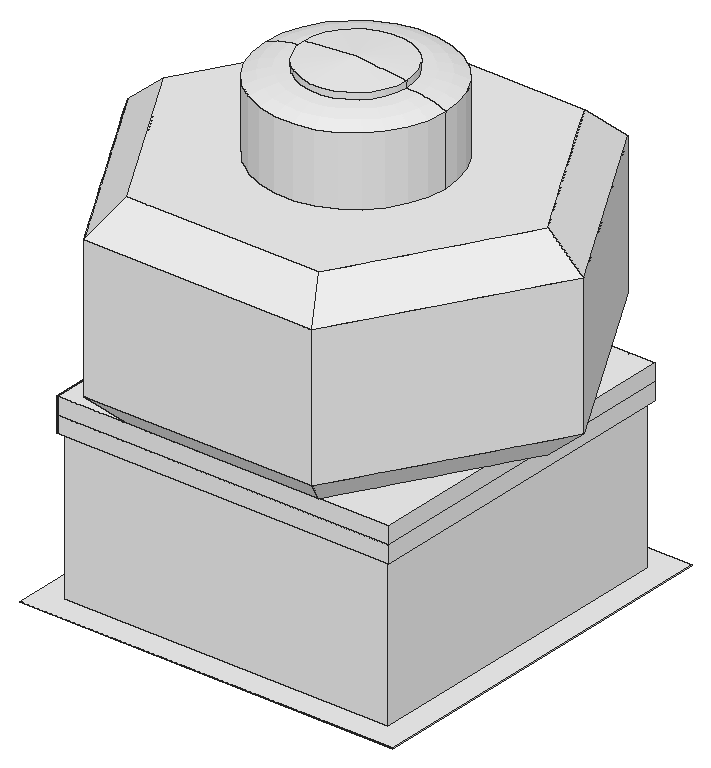
Revit family "HARMANN - REVIT- MOVO F400", category Wyposażenie mechaniczne, Revit 2025
Family settings
  Wymiar okrągłego złącza = Użyj średnicy
  Typ części = Normalny
  Numer OmniClass = 23.75.00.00
  Tytuł OmniClass = Climate Control (HVAC)
  Oparty na płaszczyźnie roboczej = Nie
  Zawsze pionowo = Tak
  Tnij formami wycięć po wczytaniu = Nie
  Zachowaj orientację opisów = Nie
  Współdzielony = Nie
  Punkt obliczania pomieszczeń = Nie
Parameters (values of type "MOVO 4-560/13300T F400")
  a Spr [instance] = if(Brak podstawy, 0.00 mm, a)  # 40.00 mm
  a [instance] = 40.00 mm
  Zasilanie natężenie maksymalne Imax = 6.1 A
  Zasilanie napięcie nominalne Unom = 400 V
  Wysokość podstawy dachowej PR Spr [instance] = if(Brak podstawy, a, if(Podstawa dachowa PR, Wysokość podstawy dachowej PR, Wysokość podstawy dachowej PR))  # 400.00 mm
  Wysokość podstawy dachowej PR [instance] = size_lookup(Lookup Table Name, "Wysokość podstawy dachowej PR", 1.00 mm, N1)  # 400.00 mm
  Wysokość SL Spr [instance] = if((Czy Klapa zwrotna SL), Wysokość SL, 0.00 mm)  # 280.00 mm
  Wysokość SL [instance] = size_lookup(Lookup Table Name, "Wysokość SL", 1.00 mm, N1)  # 280.00 mm
  Wysokość EP Spr [instance] = if((Czy Złącze Elastyczne EP), Wysokość EP, 0.00 mm)  # 150.00 mm
  Wysokość EP [instance] = size_lookup(Lookup Table Name, "Wysokość EP", 1.00 mm, N1)  # 150.00 mm
  Wysokość D Spr [instance] = if(Brak podstawy, Wysokość D, if(and((Czy Klapa zwrotna SL), (Czy Złącze Elastyczne EP)), Wysokość D + Wysokość SL Spr + Wysokość EP Spr, if((Czy Klapa zwrotna SL), Wysokość D + Wysokość SL Spr, if(Czy Złącze Elastyczne EP, Wysokość D + Wysokość EP Spr, Wysokość D))))  # 447.00 mm
  Wysokość D [instance] = size_lookup(Lookup Table Name, "Wysokość D", 1.00 mm, N1)  # 17.00 mm
  Wybierz podstawę dachową [instance] = "Wybierz podstawę dachową lub brak podstawy"  # constant formula
  Wybierz Akcesoria [instance] = "Zaznacz wybrane akcesoria tylko dla podstawy dachowej PR"  # constant formula
  Rzeczywista Wartość Przepływu [instance] = Podaj Rzeczywistą Wartość Przepływu  # 0.00 m³/h
  Podstawa B = Podstawa : Podstawa PR
  Podstawa A = Podstawa : Brak podstawy
  Podaj Rzeczywistą Wartość Przepływu [instance] = 0.00 m³/h
  Opc Podstawa Dachowa PR = Podstawa : Podstawa PR
  Opc Brak podstawy = Podstawa : Brak podstawy
  Klasa odporności ogniowej Tmax = "400 oC/2h"
  Czy Podstawa Dachowa [instance] = Podstawa : Podstawa PR
  N1 = 6 mm
  Lookup Table Name = "MOVO"
  Czy Klapa zwrotna SL [instance] = yes
  Złożenie domyślne bez akcesoriów [instance] = not(Brak podstawy)  # yes
  Podstawa dachowa PR [instance] = Czy Podstawa Dachowa = Opc Podstawa Dachowa PR  # yes
  MOVO = HARMANN - Akcesoria - MOVO F400 : MOVO 4-560/13300T F400
  Zasilanie Moc maksymalna Pmax = 3000 W
  Zasilanie Ilość faz = 3
  Zasilanie Częstotliwość Nominalna fnom = 50 Hz  # constant formula
  Zasilanie Częstotliwość Minimalna fmin = 25 Hz  # constant formula
  Zasilanie Częstotliwość Maksymalna fmax = 50 Hz
  Powietrze ciśnienie statyczne maksymalne dPmax = 910.0 Pa
  Powietrze Przepływ Maksymalny Qmax = 13300.00 m³/h
  Obroty nominalne nnom = 1425.000 obr./min
  Numer artykułu = "02200071"
  Model = "MOVO 4-560/13300T F400"
  Masa = 122.00 kg
  Producent = "Harmann Polska Sp. z o.o."  # constant formula
  Temperatura pracy ciągłej maksymalna T = 50 °C  # constant formula
  Opis = "Dachowy wentylator z wyrzutem poziomym F400"  # constant formula
  Domyślna rzędna = 0.00 mm
  DN = 500.00 mm
  Czy Kołnierz D [instance] = 1 = 1  # yes
  Ciśnienie akustyczne nominalne obudowa Lpa = "71 dB(A)"
  Czy Złącze Elastyczne EP [instance] = yes
  Brak podstawy [instance] = Czy Podstawa Dachowa = Opc Brak podstawy  # no
  Autor = "https://www.archispace.com/"
  Akc SL = HARMANN - Akcesoria - SL : SL 500
  Akc PR = HARMANN - Akcesoria - PR : PR 560/500
  Akc EP = HARMANN - Akcesoria - EP : EP 500
  Akc D = HARMANN - Akcesoria - D : D 500s
Types (22, lengths in mm): name | a Spr | a | Zasilanie natężenie maksymalne Imax | Wysokość podstawy dachowej PR Spr | Wysokość podstawy dachowej PR | Wysokość SL Spr | Wysokość SL | Wysokość EP Spr | Wysokość EP | Wysokość D Spr | Wysokość D | N1 | MOVO | Zasilanie Moc maksymalna Pmax | Powietrze ciśnienie statyczne maksymalne dPmax | Powietrze Przepływ Maksymalny Qmax | Obroty nominalne nnom | Numer artykułu | Model | Masa | DN | Ciśnienie akustyczne nominalne obudowa Lpa | Akc SL | Akc PR | Akc EP | Akc D
  MOVO 8-1000-32000T F400 | 40.00 | 40.00 | 16.3 A | 500.00 | 500.00 | 400.00 | 400.00 | 150.00 | 150.00 | 574.50 | 24.50 | 12 | HARMANN - Akcesoria - MOVO F400 : MOVO 8-1000-32000T F400 | 7500 W | 650.0 Pa | 32000.00 m³/h | 725.000 obr./min | "02200221" | "MOVO 8-1000-32000T F400" | 530.00 kg | 900.00 | "72 dB(A)" | HARMANN - Akcesoria - SL : SL 900 | HARMANN - Akcesoria - PR : PR 1000/900 | HARMANN - Akcesoria - EP : EP 900 | HARMANN - Akcesoria - D : D 900s
  MOVO 6-1000-52000T F400 | 40.00 | 40.00 | 35.3 A | 500.00 | 500.00 | 400.00 | 400.00 | 150.00 | 150.00 | 574.50 | 24.50 | 12 | HARMANN - Akcesoria - MOVO F400 : MOVO 6-1000-52000T F400 | 18500 W | 1330.0 Pa | 52000.00 m³/h | 980.000 obr./min | "02200211" | "MOVO 6-1000/52000T F400" | 625.00 kg | 900.00 | "80 dB(A)" | HARMANN - Akcesoria - SL : SL 900 | HARMANN - Akcesoria - PR : PR 1000/900 | HARMANN - Akcesoria - EP : EP 900 | HARMANN - Akcesoria - D : D 900s
  MOVO 8-900-27500T F400 | 40.00 | 40.00 | 12.4 A | 500.00 | 500.00 | 400.00 | 400.00 | 150.00 | 150.00 | 574.50 | 24.50 | 12 | HARMANN - Akcesoria - MOVO F400 : MOVO 6-900-27500T F400 | 5500 W | 590.0 Pa | 2750.00 m³/h | 720.000 obr./min | "02200181" | "MOVO 8-900/27500T F400" | 390.00 kg | 800.00 | "71 dB(A)" | HARMANN - Akcesoria - SL : SL 800 | HARMANN - Akcesoria - PR : PR 900/800 | HARMANN - Akcesoria - EP : EP 800 | HARMANN - Akcesoria - D : D 800s
  MOVO 6-800/26000T F400 | 40.00 | 40.00 | 12 A | 500.00 | 500.00 | 400.00 | 400.00 | 150.00 | 150.00 | 574.50 | 24.50 | 11 | HARMANN - Akcesoria - MOVO F400 : MOVO 6-800/26000T F400 | 5500 W | 750.0 Pa | 26000.00 m³/h | 970.000 obr./min | "02200161" | "MOVO 6-800/26000T F400" | 315.00 kg | 710.00 | "73 dB(A)" | HARMANN - Akcesoria - SL : SL 710 | HARMANN - Akcesoria - PR : PR 710/630 | HARMANN - Akcesoria - EP : EP 710 | HARMANN - Akcesoria - D : D 710s
  MOVO 4-800/39500T F400 | 40.00 | 40.00 | 34.5 A | 500.00 | 500.00 | 400.00 | 400.00 | 150.00 | 150.00 | 574.50 | 24.50 | 11 | HARMANN - Akcesoria - MOVO F400 : MOVO 4-800/39500T F400 | 18500 W | 1850.0 Pa | 39500.00 m³/h | 1470.000 obr./min | "02200162" | "MOVO 4-800/39500T" | 425.00 kg | 710.00 | "82 dB(A)" | HARMANN - Akcesoria - SL : SL 710 | HARMANN - Akcesoria - PR : PR 710/630 | HARMANN - Akcesoria - EP : EP 710 | HARMANN - Akcesoria - D : D 710s
  MOVO 6-710/18300T F400 | 40.00 | 40.00 | 8.9 A | 500.00 | 500.00 | 350.00 | 350.00 | 150.00 | 150.00 | 521.50 | 21.50 | 9 | HARMANN - Akcesoria - MOVO F400 : MOVO 6-710/18300T F400 | 4000 W | 700.0 Pa | 18300.00 m³/h | 1450.000 obr./min | "02200131" | "MOVO 6-710/18300T F400" | 285.00 kg | 630.00 | "70 dB(A)" | HARMANN - Akcesoria - SL : SL 630 | HARMANN - Akcesoria - PR : PR 710/630 | HARMANN - Akcesoria - EP : EP 630 | HARMANN - Akcesoria - D : D 630s
  MOVO 4-710/27500T F400 | 40.00 | 40.00 | 20.9 A | 500.00 | 500.00 | 350.00 | 350.00 | 150.00 | 150.00 | 521.50 | 21.50 | 9 | HARMANN - Akcesoria - MOVO F400 : MOVO 4-710/27500T F400 | 11000 W | 1500.0 Pa | 27500.00 m³/h | 1450.000 obr./min | "02200122" | "MOVO 4-710/27500T F400" | 285.00 kg | 630.00 | "79 dB(A)" | HARMANN - Akcesoria - SL : SL 630 | HARMANN - Akcesoria - PR : PR 710/630 | HARMANN - Akcesoria - EP : EP 630 | HARMANN - Akcesoria - D : D 630s
  MOVO 6-710/15500T F400 | 40.00 | 40.00 | 6.9 A | 500.00 | 500.00 | 350.00 | 350.00 | 150.00 | 150.00 | 521.50 | 21.50 | 9 | HARMANN - Akcesoria - MOVO F400 : MOVO 6-710/15500T F400 | 3000 W | 590.0 Pa | 15500.00 m³/h | 970.000 obr./min | "02200121" | "MOVO 6-710/15500T F400" | 255.00 kg | 630.00 | "68" | HARMANN - Akcesoria - SL : SL 630 | HARMANN - Akcesoria - PR : PR 710/630 | HARMANN - Akcesoria - EP : EP 630 | HARMANN - Akcesoria - D : D 630s
  MOVO 6-630/12400T F400 | 40.00 | 40.00 | 5.1 A | 400.00 | 400.00 | 310.00 | 310.00 | 150.00 | 150.00 | 479.00 | 19.00 | 7 | HARMANN - Akcesoria - MOVO F400 : MOVO 6-630/12400T F400 | 2200 W | 500.0 Pa | 12400.00 m³/h | 940.000 obr./min | "0220101" | "MOVO 6-630/12400T F400" | 163.00 kg | 560.00 | "66 dB(A)" | HARMANN - Akcesoria - SL : SL 560 | HARMANN - Akcesoria - PR : PR 630/560 | HARMANN - Akcesoria - EP : EP 560 | HARMANN - Akcesoria - D : D 560s
  MOVO 6-560/8700T F400 | 40.00 | 40.00 | 3.6 A | 400.00 | 400.00 | 280.00 | 280.00 | 150.00 | 150.00 | 447.00 | 17.00 | 6 | HARMANN - Akcesoria - MOVO F400 : MOVO 6-560/8700T F400 | 1500 W | 390.0 Pa | 8700.00 m³/h | 930.000 obr./min | "02200081" | "MOVO.S 6-560/8700T F400" | 116.00 kg | 500.00 | "71 dB(A)" | HARMANN - Akcesoria - SL : SL 500 | HARMANN - Akcesoria - PR : PR 560/500 | HARMANN - Akcesoria - EP : EP 500 | HARMANN - Akcesoria - D : D 500s
  MOVO 6-500/6100T F400 | 40.00 | 40.00 | 1.7 A | 400.00 | 400.00 | 250.00 | 250.00 | 120.00 | 120.00 | 385.00 | 15.00 | 3 | HARMANN - Akcesoria - MOVO F400 : MOVO 6-500/6100T F400 | 550 W | 355.0 Pa | 6100.00 m³/h | 895.000 obr./min | "02200061" | "MOVO 6-500/6100T F400" | 83.00 kg | 450.00 | "58 dB(A)" | HARMANN - Akcesoria - SL : SL 450 | HARMANN - Akcesoria - PR : PR 500/450 | HARMANN - Akcesoria - EP : EP 450 | HARMANN - Akcesoria - D : D 450s
  MOVO 6-450/4500T F400 | 30.00 | 30.00 | 1.7 A | 400.00 | 400.00 | 220.00 | 220.00 | 120.00 | 120.00 | 353.50 | 13.50 | 1 | HARMANN - Akcesoria - MOVO F400 : MOVO 6-450/4500T F400 | 550 W | 250.0 Pa | 4500.00 m³/h | 895.000 obr./min | "02200041" | "MOVO  4-450/4500T F400" | 60.00 kg | 400.00 | "56 dB(A)" | HARMANN - Akcesoria - SL : SL 400 | HARMANN - Akcesoria - PR : PR 450/400 | HARMANN - Akcesoria - EP : EP 400 | HARMANN - Akcesoria - D : D 400s
  MOVO 6-900-37000T F400 | 40.00 | 40.00 | 22.9 A | 500.00 | 500.00 | 400.00 | 400.00 | 150.00 | 150.00 | 574.50 | 24.50 | 12 | HARMANN - Akcesoria - MOVO F400 : MOVO 6-900-37000T F400 | 11000 W | 1150.0 Pa | 37000.00 m³/h | 970.000 obr./min | "02200171" | "MOVO 6-900/37000T F400" | 415.00 kg | 800.00 | "77 dB(A)" | HARMANN - Akcesoria - SL : SL 800 | HARMANN - Akcesoria - PR : PR 900/800 | HARMANN - Akcesoria - EP : EP 800 | HARMANN - Akcesoria - D : D 800s
  MOVO 6-1000/43100T F400 | 40.00 | 40.00 | 29.8 A | 500.00 | 500.00 | 400.00 | 400.00 | 150.00 | 150.00 | 574.50 | 24.50 | 12 | HARMANN - Akcesoria - MOVO F400 : MOVO 6-1000-52000T F400 | 15000 W | 1200.0 Pa | 43100.00 m³/h | 975.000 obr./min | "02200201" | "MOVO 6-1000/43100T" | 580.00 kg | 900.00 | "78 dB(A)" | HARMANN - Akcesoria - SL : SL 900 | HARMANN - Akcesoria - PR : PR 1000/900 | HARMANN - Akcesoria - EP : EP 900 | HARMANN - Akcesoria - D : D 900s
  MOVO 4-800/36400T F400 | 40.00 | 40.00 | 28.1 A | 500.00 | 500.00 | 400.00 | 400.00 | 150.00 | 150.00 | 574.50 | 24.50 | 11 | HARMANN - Akcesoria - MOVO F400 : MOVO 4-800/36400T F400 | 15000 W | 1800.0 Pa | 36400.00 m³/h | 1460.000 obr./min | "78252003" | "MOVO 4-800/33400T F400" | 390.00 kg | 710.00 | "81 dB(A)" | HARMANN - Akcesoria - SL : SL 710 | HARMANN - Akcesoria - PR : PR 710/630 | HARMANN - Akcesoria - EP : EP 710 | HARMANN - Akcesoria - D : D 710s
  MOVO 4-710/23200T F400 | 40.00 | 40.00 | 14.3 A | 500.00 | 500.00 | 350.00 | 350.00 | 150.00 | 150.00 | 521.50 | 21.50 | 9 | HARMANN - Akcesoria - MOVO F400 : MOVO 4-710/23200T F400 | 7500 W | 1305.0 Pa | 23200.00 m³/h | 1450.000 obr./min | "02200111" | "MOVO 4-710/23200T F400" | 254.00 kg | 630.00 | "78 dB(A)" | HARMANN - Akcesoria - SL : SL 630 | HARMANN - Akcesoria - PR : PR 710/630 | HARMANN - Akcesoria - EP : EP 630 | HARMANN - Akcesoria - D : D 630s
  MOVO 4-630/19300T F400 | 40.00 | 40.00 | 10.8 A | 400.00 | 400.00 | 310.00 | 310.00 | 150.00 | 150.00 | 479.00 | 19.00 | 7 | HARMANN - Akcesoria - MOVO F400 : MOVO 4-630/19300T F400 | 5500 W | 1200.0 Pa | 19300.00 m³/h | 1455.000 obr./min | "02200091" | "MOVO 4-630/19300T F400" | 185.00 kg | 560.00 | "75 dB(A)" | HARMANN - Akcesoria - SL : SL 560 | HARMANN - Akcesoria - PR : PR 630/560 | HARMANN - Akcesoria - EP : EP 560 | HARMANN - Akcesoria - D : D 560s
  MOVO 4-560/13300T F400 | 40.00 | 40.00 | 6.1 A | 400.00 | 400.00 | 280.00 | 280.00 | 150.00 | 150.00 | 447.00 | 17.00 | 6 | HARMANN - Akcesoria - MOVO F400 : MOVO 4-560/13300T F400 | 3000 W | 910.0 Pa | 13300.00 m³/h | 1425.000 obr./min | "02200071" | "MOVO 4-560/13300T F400" | 122.00 kg | 500.00 | "71 dB(A)" | HARMANN - Akcesoria - SL : SL 500 | HARMANN - Akcesoria - PR : PR 560/500 | HARMANN - Akcesoria - EP : EP 500 | HARMANN - Akcesoria - D : D 500s
  MOVO 4-500/9100T F400 | 40.00 | 40.00 | 3.3 A | 400.00 | 400.00 | 250.00 | 250.00 | 120.00 | 120.00 | 385.00 | 15.00 | 3 | HARMANN - Akcesoria - MOVO F400 : MOVO 4-500/9100T F400 | 1500 W | 655.0 Pa | 9100.00 m³/h | 1410.000 obr./min | "02200051" | "MOVO 4-500/9100T F400" | 92.00 kg | 450.00 | "68 dB(A)" | HARMANN - Akcesoria - SL : SL 450 | HARMANN - Akcesoria - PR : PR 500/450 | HARMANN - Akcesoria - EP : EP 450 | HARMANN - Akcesoria - D : D 450s
  MOVO 4-450/6700T F400 | 30.00 | 30.00 | 2.5 A | 400.00 | 400.00 | 220.00 | 220.00 | 120.00 | 120.00 | 353.50 | 13.50 | 1 | HARMANN - Akcesoria - MOVO F400 : MOVO 4-450/6700T F400 | 1100 W | 555.0 Pa | 6700.00 m³/h | 1385.000 obr./min | "02200031" | "MOVO 4-450/6700T F400" | 66.00 kg | 400.00 | "65 dB(A)" | HARMANN - Akcesoria - SL : SL 400 | HARMANN - Akcesoria - PR : PR 450/400 | HARMANN - Akcesoria - EP : EP 400 | HARMANN - Akcesoria - D : D 400s
  MOVO 6-400/3100T F400 | 30.00 | 30.00 | 1.2 A | 400.00 | 400.00 | 220.00 | 220.00 | 120.00 | 120.00 | 353.50 | 13.50 | 1 | HARMANN - Akcesoria - MOVO F400 : MOVO 6-400/3100T F400 | 370 W | 180.0 Pa | 3100.00 m³/h | 910.000 obr./min | "02200021" | "MOVO 6-400/3100T F400" | 48.00 kg | 315.00 | "51 dB(A)" | HARMANN - Akcesoria - SL : SL 315 | HARMANN - Akcesoria - PR : PR 400/315 | HARMANN - Akcesoria - EP : EP 315 | HARMANN - Akcesoria - D : D 315s
  MOVO 4-400/4700T F400 | 30.00 | 30.00 | 1.5 A | 400.00 | 400.00 | 220.00 | 220.00 | 120.00 | 120.00 | 353.50 | 13.50 | 1 | HARMANN - Akcesoria - MOVO F400 : MOVO 4-400/4700T F400 | 550 W | 450.0 Pa | 4700.00 m³/h | 1405.000 obr./min | "02200011" | "MOVO 4-400/4700T F400" | 48.00 kg | 315.00 | "80 dB(A)" | HARMANN - Akcesoria - SL : SL 315 | HARMANN - Akcesoria - PR : PR 400/315 | HARMANN - Akcesoria - EP : EP 315 | HARMANN - Akcesoria - D : D 315s
Reference planes
  plane 1 "Center (Front/Back)": y = 0
  plane 2: z = 0
  plane 3 "Center (Left/Right)": x = 0
  plane 4: z = 400
  plane 5: z = 0
  plane 6: z = 0
  plane 7: z = 120
  plane 8: z = -30
  plane 9: z = -47
Dimensions and locks
  "Wysokość podstawy dachowej PR Spr": plane 4 to level
  "Wysokość SL Spr": plane 7 to plane 4
  "Wysokość EP Spr": plane 8 to plane 7
  "Wysokość D Spr": plane 9 to plane 4
  aligned and locked: level to plane 2
  aligned and locked: nested 1 to plane 1 "Center (Front/Back)"
  aligned and locked: plane 3 "Center (Left/Right)" to nested 2
  aligned and locked: plane 1 "Center (Front/Back)" to nested 2
  aligned and locked: plane 3 "Center (Left/Right)" to nested 3
  aligned and locked: plane 1 "Center (Front/Back)" to nested 3
  aligned and locked: plane 7 to nested 2
  aligned and locked: plane 8 to nested 3
  aligned and locked: nested 4 to plane 1 "Center (Front/Back)"
  aligned and locked: nested 4 to plane 3 "Center (Left/Right)"
  aligned and locked: nested 4 to plane 9
  aligned and locked: plane 3 "Center (Left/Right)" to nested 5
  aligned and locked: plane 1 "Center (Front/Back)" to nested 5
  aligned and locked: nested 1 to plane 4
Nested families
  nested 1: "HARMANN - Akcesoria - MOVO F400" at (0, 0, 360) x (0, 1, 0) z (0, 0, 1), type <- "MOVO", type "MOVO 4-560/13300T F400"
  nested 2: "HARMANN - Akcesoria - SL" at (0, 0, 120), visible <- "Czy Klapa zwrotna SL", type <- "Akc SL", Vis Komponent <- "Złożenie domyślne bez akcesoriów", type "SL 500"
    with Vis Komponent yes
  nested 3: "HARMANN - Akcesoria - EP" at (0, 0, -30), visible <- "Czy Złącze Elastyczne EP", type <- "Akc EP", Vis Komponent <- "Złożenie domyślne bez akcesoriów", type "EP 500"
    with Vis Komponent yes
  nested 4: "HARMANN - Akcesoria - D" at (0, 0, -30) x (1, 0, 0) z (0, 0, -1), visible <- "Czy Kołnierz D", type <- "Akc D", type "D 500s"
    with Vis Komponent yes
  nested 5: "HARMANN - Akcesoria - PR" at (0, 0, 0), visible <- "Podstawa dachowa PR", type <- "Akc PR", type "PR 560/500"
    with C 900.00 mm, B 670.00 mm, A 780.00 mm
Connectors
  electrical at (0, 0, 440), driven by "Zasilanie Ilość faz", driven by "Zasilanie napięcie nominalne Unom", driven by "Zasilanie Moc maksymalna Pmax"
    settings: on nested 1, index 2, voltage 400 V, apparent load 3000 VA, apparent load phase1 0 VA, apparent load phase2 0 VA, apparent load phase3 0 VA, power factor 1, load classification "Other", number of poles 3, system type 30, power factor state 1, is connector primary yes, connector utility no, sub classification motor no, connector description ""
  hvac at (0, 0, -30), driven by "DN", driven by "Rzeczywista Wartość Przepływu"
    settings: on nested 4, index 3, duct flow 0.00 m³/h, flow factor 0, pres drop 0.0 Pa, loss coef 0, conn angle 0.00°, conn width 304.8 mm, conn height 304.8 mm, conn diameter 500 mm, duct sys type 29, conn prof type 0, flow config 0, flow direction 1, loss method 0, conn ref index -1, conn util no, is conn primary yes, conn desc ""
Definition of nested family "HARMANN - Akcesoria - MOVO F400"
  Parameters (values of type "MOVO 6-400/3100T F400")
    r2 = size_lookup(Lookup Table Name, "r2", 1.00 mm, N1)  # 123.50 mm
    r = size_lookup(Lookup Table Name, "r", 1.00 mm, N1)  # 189.50 mm
    i = 30.00 mm
    h = size_lookup(Lookup Table Name, "h", 1.00 mm, N1)  # 66.00 mm
    c = 76.00 mm
    b = size_lookup(Lookup Table Name, "b", 1.00 mm, N1)  # 440.00 mm
    a = size_lookup(Lookup Table Name, "a", 1.00 mm, N1)  # 364.00 mm
    Numer artykułu = "02200021"
    N1 = 1 mm
    Model = "MOVO 4-400/3100T F400"
    Manufacturer = "Harmann Polska Sp. z o.o."  # constant formula
    Lookup Table Name = "MOVO"
    K = 440.00 mm
    H = 615.00 mm
    G = size_lookup(Lookup Table Name, "G", 1.00 mm, N1)  # 40.00 mm
    F = 780.00 mm
    Dk = 356.00 mm
    Default Elevation = 0.00 mm
    E = 780.00 mm
    B = 560.00 mm
    Autor = "https://www.archispace.com/"
    D = 315.00 mm
    710 i 800 = no
    450 500 560 630 = yes
  Types (22, lengths in mm): name | r2 | r | i | h | c | b | a | Numer artykułu | N1 | Model | K | H | G | F | Dk | E | B | D | 710 i 800 | 450 500 560 630
    MOVO 6-400/3100T F400 | 123.50 | 189.50 | 30.00 | 66.00 | 76.00 | 440.00 | 364.00 | "02200021" | 1 | "MOVO 4-400/3100T F400" | 440.00 | 615.00 | 40.00 | 780.00 | 356.00 | 780.00 | 560.00 | 315.00 | no | yes
    MOVO 4-400/4700T F400 | 123.50 | 189.50 | 30.00 | 66.00 | 76.00 | 440.00 | 364.00 | "02200011" | 1 | "MOVO 4-400/4700T" | 440.00 | 615.00 | 40.00 | 780.00 | 356.00 | 780.00 | 560.00 | 315.00 | no | yes
    MOVO 8-1000-32000T F400 | 189.50 | 317.00 | 50.00 | 225.00 | 185.00 | 617.00 | 464.00 | "78252004" | 12 | "MOVO.S 6-800/22900T EX" | 1060.00 | 1400.00 | 50.00 | 1850.00 | 934.00 | 1850.00 | 1400.00 | 900.00 | yes | no
    MOVO 6-1000-43100T F400 | 189.50 | 317.00 | 50.00 | 225.00 | 185.00 | 617.00 | 464.00 | "78252004" | 12 | "MOVO.S 6-800/22900T EX" | 1060.00 | 1400.00 | 50.00 | 1850.00 | 934.00 | 1850.00 | 1400.00 | 900.00 | yes | no
    MOVO 6-900-37000T F400 | 189.50 | 317.00 | 50.00 | 225.00 | 185.00 | 617.00 | 464.00 | "78252004" | 12 | "MOVO.S 6-800/22900T EX" | 1000.00 | 1305.00 | 50.00 | 1650.00 | 837.00 | 1650.00 | 1250.00 | 800.00 | yes | no
    MOVO 6-800/26000T F400 | 189.50 | 317.00 | 50.00 | 225.00 | 185.00 | 617.00 | 464.00 | "78252003" | 11 | "MOVO.S 4-800/35000T EX" | 950.00 | 1190.00 | 50.00 | 1490.00 | 751.00 | 1490.00 | 1120.00 | 710.00 | yes | no
    MOVO 4-800/39500T F400 | 189.50 | 317.00 | 50.00 | 225.00 | 185.00 | 617.00 | 464.00 | "78252003" | 11 | "MOVO.S 4-800/35000T EX" | 950.00 | 1190.00 | 50.00 | 1490.00 | 751.00 | 1490.00 | 1120.00 | 710.00 | yes | no
    MOVO 6-710/18300T F400 | 155.00 | 283.50 | 50.00 | 186.00 | 150.00 | 538.50 | 414.00 | "78252001" | 9 | "MOVO.S 4-710/20800T EX" | 845.00 | 1060.00 | 50.00 | 1300.00 | 674.00 | 1300.00 | 1000.00 | 630.00 | yes | no
    MOVO 6-710/15500T F400 | 155.00 | 283.50 | 50.00 | 186.00 | 150.00 | 538.50 | 414.00 | "78252001" | 9 | "MOVO.S 4-710/20800T EX" | 845.00 | 1060.00 | 50.00 | 1300.00 | 674.00 | 1300.00 | 1000.00 | 630.00 | yes | no
    MOVO 4-710/27500T F400 | 155.00 | 283.50 | 50.00 | 186.00 | 150.00 | 538.50 | 414.00 | "78252001" | 9 | "MOVO.S 4-710/20800T EX" | 845.00 | 1060.00 | 50.00 | 1300.00 | 674.00 | 1300.00 | 1000.00 | 630.00 | yes | no
    MOVO 6-630/12400T F400 | 155.00 | 254.50 | 40.00 | 120.00 | 138.50 | 658.00 | 520.00 | "78251999" | 7 | "MOVO.S 4-630/17300T EX" | 785.00 | 960.00 | 40.00 | 1140.00 | 605.00 | 1315.00 | 900.00 | 560.00 | no | yes
    MOVO 6-560/8700T F400 | 123.50 | 217.00 | 40.00 | 75.50 | 88.00 | 550.00 | 462.00 | "78251997" | 6 | "MOVO.S 4-560/11900T EX" | 570.00 | 780.00 | 40.00 | 953.00 | 605.00 | 1100.00 | 800.00 | 500.00 | no | yes
    MOVO 6-500/6100T F400 | 123.50 | 189.50 | 40.00 | 69.50 | 80.00 | 490.00 | 410.50 | "78251995" | 3 | "MOVO.S 4-500/8000T EX" | 530.00 | 730.00 | 40.00 | 849.00 | 487.00 | 980.00 | 710.00 | 450.00 | no | yes
    MOVO 6-450/4500T F400 | 123.50 | 189.50 | 30.00 | 66.00 | 76.00 | 440.00 | 364.00 | "78251993" | 1 | "MOVO.S 4-450/6100T EX" | 480.00 | 690.00 | 40.00 | 762.00 | 438.00 | 880.00 | 630.00 | 400.00 | no | yes
    MOVO 6-1000-52000T F400 | 189.50 | 317.00 | 50.00 | 225.00 | 185.00 | 617.00 | 464.00 | "78252004" | 12 | "MOVO.S 6-800/22900T EX" | 1060.00 | 1400.00 | 50.00 | 1850.00 | 934.00 | 1850.00 | 1400.00 | 900.00 | yes | no
    MOVO 6-900-27500T F400 | 189.50 | 317.00 | 50.00 | 225.00 | 185.00 | 617.00 | 464.00 | "78252004" | 12 | "MOVO.S 6-800/22900T EX" | 1000.00 | 1305.00 | 50.00 | 1650.00 | 837.00 | 1650.00 | 1250.00 | 800.00 | yes | no
    MOVO 4-800/36400T F400 | 189.50 | 317.00 | 50.00 | 225.00 | 185.00 | 617.00 | 464.00 | "78252003" | 11 | "MOVO.S 4-800/35000T EX" | 950.00 | 1190.00 | 50.00 | 1490.00 | 751.00 | 1490.00 | 1120.00 | 710.00 | yes | no
    MOVO 4-710/23200T F400 | 155.00 | 283.50 | 50.00 | 186.00 | 150.00 | 538.50 | 414.00 | "78252001" | 9 | "MOVO.S 4-710/20800T EX" | 845.00 | 1060.00 | 50.00 | 1300.00 | 674.00 | 1300.00 | 1000.00 | 630.00 | yes | no
    MOVO 4-630/19300T F400 | 155.00 | 254.50 | 40.00 | 120.00 | 138.50 | 658.00 | 520.00 | "78251999" | 7 | "MOVO.S 4-630/17300T EX" | 785.00 | 960.00 | 40.00 | 1140.00 | 605.00 | 1315.00 | 900.00 | 560.00 | no | yes
    MOVO 4-560/13300T F400 | 123.50 | 217.00 | 40.00 | 75.50 | 88.00 | 550.00 | 462.00 | "78251997" | 6 | "MOVO.S 4-560/11900T EX" | 570.00 | 780.00 | 40.00 | 953.00 | 605.00 | 1100.00 | 800.00 | 500.00 | no | yes
    MOVO 4-500/9100T F400 | 123.50 | 189.50 | 40.00 | 69.50 | 80.00 | 490.00 | 410.50 | "78251995" | 3 | "MOVO.S 4-500/8000T EX" | 530.00 | 730.00 | 40.00 | 849.00 | 487.00 | 980.00 | 710.00 | 450.00 | no | yes
    MOVO 4-450/6700T F400 | 123.50 | 189.50 | 30.00 | 66.00 | 76.00 | 440.00 | 364.00 | "78251993" | 1 | "MOVO.S 4-450/6100T EX" | 480.00 | 690.00 | 40.00 | 762.00 | 438.00 | 880.00 | 630.00 | 400.00 | no | yes
  Reference planes
    plane 1 "Center (Front/Back)": y = 0
    plane 2: z = 0
    plane 3 "Center (Left/Right)": x = 0
    plane 4: z = 71
    plane 5: x = 280
    plane 6: x = -280
    plane 7: y = 280
    plane 8: y = -280
    plane 9: y = 390
    plane 10: y = -390
    plane 11: x = 390
    plane 12: x = -390
    plane 13: z = 137
    plane 14: z = 440
    plane 15: z = 615
    plane 16: z = 570
    plane 17: x = -182
    plane 18: x = 182
    plane 19: y = 182
    plane 20: y = -182
    plane 21: y = 220
    plane 22: y = -220
    plane 23: x = -220
    plane 24: x = 220
    plane 25: z = 70
    plane 26: z = 374
    plane 27: y = 314
    plane 28: y = -314
    plane 29: z = 30
  Forms (mm)
    Extrusion 1, solid, detail levels medium+fine
      sketch origin (0, 0, 0) x (1, 0, 0) y (0, 1, 0)
        loop
          line (-280, 280) -> (-280, -280) -> (280, -280) -> (280, 280) -> (-280, 280)
      from 30 to 71
    SweptBlend 2, solid, visible <- "710 i 800", detail levels medium+fine
      path origin (0, 0, 0) x (0, 1, 0) y (0, 0, 1)
        loop
          line (0, 137) -> (0, 71)
      profile origin (0, 0, 137) x (1, 0, 0) y (0, 1, 0)
        loop
          line (220, 390) -> (-220, 390) -> (-390, 220) -> (-390, -220) -> (-220, -390) -> (220, -390) -> (390, -220) -> (390, 220) -> (220, 390)
      end profile origin (0, 0, 71) x (1, 0, 0) y (0, 1, 0)
        loop
          line (182, 280) -> (-182, 280) -> (-280, 182) -> (-280, -182) -> (-182, -280) -> (182, -280) -> (280, -182) -> (280, 182) -> (182, 280)
    Sweep 3, solid, visible <- "710 i 800", detail levels medium+fine
      path origin (0, 0, 0) x (0, 1, 0) y (0, 0, 1)
        loop
          line (0, 374) -> (0, 137)
      profile origin (0, 0, 255.5) x (1, 0, 0) y (0, 1, 0)
        loop
          line (220, 390) -> (-220, 390) -> (-390, 220) -> (-390, -220) -> (-220, -390) -> (220, -390) -> (390, -220) -> (390, 220) -> (220, 390)
    Extrusion 4, void
      sketch origin (0, 0, 0) x (1, 0, 0) y (0, 1, 0)
        loop
          line (-279, -279) -> (279, -279) -> (279, 279) -> (-279, 279) -> (-279, -279)
      from -104.556 to 70
    SweptBlend 5, solid, visible <- "450 500 560 630", detail levels medium+fine
      path origin (0, 0, 0) x (0, 1, 0) y (0, 0, 1)
        loop
          line (0, 137) -> (0, 71)
      profile origin (0, 0, 137) x (1, 0, 0) y (0, 1, 0)
        loop
          line (-390, 220) -> (-390, -220) -> (0, -390) -> (390, -220) -> (390, 220) -> (0, 390) -> (-390, 220)
      end profile origin (0, 0, 71) x (1, 0, 0) y (0, 1, 0)
        loop
          line (-280, 182) -> (-280, -182) -> (0, -314) -> (280, -182) -> (280, 182) -> (0, 314) -> (-280, 182)
    Revolve 6, solid, detail levels medium+fine
      sketch origin (0, 0, 0) x (0, 1, 0) y (0, 0, 1)
        loop
          line (0, 615) -> (0, 440) -> (189.5, 440) -> (189.5, 570)
          arc (189.5, 570) -> (157.439, 583.099) -> (123.5, 590) r 185.189
          line (123.5, 590) -> (123.5, 605)
          arc (123.5, 605) -> (61.952, 612.496) -> (0, 615) r 767.613
        axis (0, 615) -> (0, 440)
      angle from 0 to 360
    Sweep 7, solid, visible <- "450 500 560 630", detail levels medium+fine
      path origin (0, 0, 0) x (0, 1, 0) y (0, 0, 1)
        loop
          line (0, 374) -> (0, 137)
      profile origin (0, 0, 255.5) x (1, 0, 0) y (0, 1, 0)
        loop
          line (390, 220) -> (0, 390) -> (-390, 220) -> (-390, -220) -> (0, -390) -> (390, -220) -> (390, 220)
    SweptBlend 8, solid, visible <- "710 i 800", detail levels medium+fine
      path origin (0, 0, 1061.93) x (0, 1, 0) y (0, 0, 1)
        loop
          line (0, -687.93) -> (0, -621.93)
      profile origin (0, 0, 374) x (0, -1, 0) y (1, 0, 0)
        loop
          line (-390, 220) -> (-390, -220) -> (-220, -390) -> (220, -390) -> (390, -220) -> (390, 220) -> (220, 390) -> (-220, 390) -> (-390, 220)
      end profile origin (0, 0, 440) x (0, -1, 0) y (1, 0, 0)
        loop
          line (-314, 182) -> (-314, -182) -> (-182, -280) -> (182, -280) -> (314, -182) -> (314, 182) -> (182, 280) -> (-182, 280) -> (-314, 182)
    SweptBlend 9, solid, visible <- "450 500 560 630", detail levels medium+fine
      path origin (0, 0, 1061.93) x (0, 1, 0) y (0, 0, 1)
        loop
          line (0, -687.93) -> (0, -621.93)
      profile origin (0, 0, 374) x (0, -1, 0) y (1, 0, 0)
        loop
          line (-220, -390) -> (220, -390) -> (390, 0) -> (220, 390) -> (-220, 390) -> (-390, 0) -> (-220, -390)
      end profile origin (0, 0, 440) x (0, -1, 0) y (1, 0, 0)
        loop
          line (-182, -280) -> (182, -280) -> (314, 0) -> (182, 280) -> (-182, 280) -> (-314, 0) -> (-182, -280)
    Extrusion 10, solid, detail levels medium+fine
      sketch origin (0, 0, 0) x (1, 0, 0) y (0, 1, 0)
        loop
          line (-280, 280) -> (-280, -280) -> (280, -280) -> (280, 280) -> (-280, 280)
      from 0 to 30
  Cuts and joins
    Extrusion 4 cuts Extrusion 1
    Extrusion 4 cuts Extrusion 10
  Lines and regions (mm)
    model lines, detail levels coarse
      curve 1: line (0, 0, 137) -> (0, 0, 0)
      curve 2: circle (0, 0, 376) r 239 normal (1, 0, 0)
      curve 3: line (0, 0, 615) -> (0, 186.869, 227)
      curve 4: line (0, 186.869, 227) -> (0, -186.869, 227)
      curve 5: line (0, 0, 615) -> (0, -186.869, 227)
  Dimensions and locks
    equal spacing: plane 6, plane 3 "Center (Left/Right)", plane 5
    "B": plane 6 to plane 5
    equal spacing: plane 8, plane 1 "Center (Front/Back)", plane 7
    "B": plane 8 to plane 7
    "F": plane 12 to plane 11
    equal spacing: plane 12, plane 3 "Center (Left/Right)", plane 11
    equal spacing: plane 10, plane 1 "Center (Front/Back)", plane 9
    "E": plane 10 to plane 9
    "K": plane 14 to level
    locked: plane 15 to plane 16 at 45
    "H": plane 15 to level
    locked: curve 4 to plane 13 at 90
    locked: Extrusion 4 sketch curve to plane 7 at 1
    locked: plane 6 to Extrusion 4 sketch curve at 1
    locked: Extrusion 4 sketch curve to plane 5 at 1
    locked: plane 8 to Extrusion 4 sketch curve at 1
    equal spacing: plane 17, plane 3 "Center (Left/Right)", plane 18
    "a": plane 17 to plane 18
    equal spacing: plane 20, plane 1 "Center (Front/Back)", plane 19
    "a": plane 20 to plane 19
    "h": plane 13 to plane 4
    equal spacing: plane 22, plane 1 "Center (Front/Back)", plane 21
    "b": plane 22 to plane 21
    equal spacing: plane 23, plane 3 "Center (Left/Right)", plane 24
    "b": plane 23 to plane 24
    locked: plane 4 to plane 25 at 1
    locked: plane 15 to Revolve 6 sketch curve at 10
    "h": plane 14 to plane 26
    "r": Revolve 6 sketch curve to Revolve 6 sketch curve
    "r2": Revolve 6 sketch curve to Revolve 6 sketch curve
    "c": plane 27 to plane 9
    "c": plane 10 to plane 28
    locked: Revolve 6 sketch curve to Revolve 6 sketch curve at 15
    "G": plane 25 to plane 29
    "i": plane 29 to level
    aligned and locked: level to plane 2
    aligned and locked: plane 6 to Extrusion 1 sketch curve
    aligned and locked: plane 7 to Extrusion 1 sketch curve
    aligned and locked: Extrusion 1 sketch curve to plane 5
    aligned and locked: Extrusion 1 sketch curve to plane 8
    aligned and locked: plane 4 to Extrusion 1
    aligned and locked: plane 1 "Center (Front/Back)" to SweptBlend 2 sketch curve
    aligned and locked: plane 4 to SweptBlend 2 sketch curve
    aligned and locked: plane 13 to SweptBlend 2 sketch curve
    aligned and locked: plane 7 to SweptBlend 2 sketch curve
    aligned and locked: plane 8 to SweptBlend 2 sketch curve
    aligned and locked: SweptBlend 2 sketch curve to plane 6
    aligned and locked: SweptBlend 2 sketch curve to plane 5
    aligned and locked: plane 9 to SweptBlend 2 sketch curve
    aligned and locked: plane 12 to SweptBlend 2 sketch curve
    aligned and locked: plane 11 to SweptBlend 2 sketch curve
    aligned and locked: plane 10 to SweptBlend 2 sketch curve
    aligned and locked: plane 1 "Center (Front/Back)" to Sweep 3 sketch curve
    aligned and locked: plane 13 to Sweep 3 sketch curve
    aligned and locked: plane 9 to Sweep 3 sketch curve
    aligned and locked: plane 11 to Sweep 3 sketch curve
    aligned and locked: plane 10 to Sweep 3 sketch curve
    aligned and locked: plane 12 to Sweep 3 sketch curve
    aligned and locked: plane 1 "Center (Front/Back)" to curve 1
    aligned and locked: plane 13 to curve 1
    aligned and locked: plane 2 to curve 1
    aligned and locked: plane 15 to curve 3
    aligned and locked: plane 20 to SweptBlend 2 sketch curve  (x2)
    aligned and locked: plane 19 to SweptBlend 2 sketch curve  (x2)
    aligned and locked: plane 17 to SweptBlend 2 sketch curve  (x2)
    aligned and locked: plane 18 to SweptBlend 2 sketch curve  (x2)
    aligned and locked: plane 25 to Extrusion 4
    aligned and locked: plane 22 to Sweep 3 sketch curve  (x2)
    aligned and locked: plane 23 to Sweep 3 sketch curve  (x2)
    aligned and locked: plane 24 to Sweep 3 sketch curve  (x2)
    aligned and locked: plane 21 to Sweep 3 sketch curve  (x2)
    aligned and locked: plane 23 to SweptBlend 2 sketch curve  (x2)
    aligned and locked: plane 24 to SweptBlend 2 sketch curve  (x2)
    aligned and locked: plane 22 to SweptBlend 2 sketch curve  (x2)
    aligned and locked: plane 21 to SweptBlend 2 sketch curve  (x2)
    aligned and locked: plane 20 to SweptBlend 5 sketch curve  (x2)
    aligned and locked: plane 19 to SweptBlend 5 sketch curve  (x2)
    aligned and locked: plane 21 to SweptBlend 5 sketch curve  (x2)
    aligned and locked: plane 22 to SweptBlend 5 sketch curve  (x2)
    aligned and locked: plane 1 "Center (Front/Back)" to Revolve 6 sketch curve
    aligned and locked: plane 26 to Sweep 3 sketch curve
    aligned and locked: plane 21 to Sweep 7 sketch curve  (x2)
    aligned and locked: plane 22 to Sweep 7 sketch curve  (x2)
    aligned and locked: plane 26 to Sweep 7 sketch curve
    aligned and locked: plane 13 to Sweep 7 sketch curve
    aligned and locked: SweptBlend 8 sketch curve to plane 10
    aligned and locked: SweptBlend 8 sketch curve to plane 12
    aligned and locked: SweptBlend 8 sketch curve to plane 9
    aligned and locked: SweptBlend 8 sketch curve to plane 11
    aligned and locked: plane 23 to SweptBlend 8 sketch curve  (x2)
    aligned and locked: plane 24 to SweptBlend 8 sketch curve  (x2)
    aligned and locked: plane 21 to SweptBlend 8 sketch curve  (x2)
    aligned and locked: plane 22 to SweptBlend 8 sketch curve  (x2)
    aligned and locked: SweptBlend 9 sketch curve to plane 12
    aligned and locked: SweptBlend 9 sketch curve to plane 11
    aligned and locked: plane 21 to SweptBlend 9 sketch curve  (x2)
    aligned and locked: plane 22 to SweptBlend 9 sketch curve  (x2)
    aligned and locked: plane 3 "Center (Left/Right)" to SweptBlend 9 sketch curve  (x4)
    aligned and locked: plane 10 to SweptBlend 9 sketch curve
    aligned and locked: plane 9 to SweptBlend 9 sketch curve
    aligned and locked: SweptBlend 9 sketch curve to plane 6
    aligned and locked: SweptBlend 9 sketch curve to plane 5
    aligned and locked: plane 20 to SweptBlend 9 sketch curve  (x2)
    aligned and locked: plane 19 to SweptBlend 9 sketch curve  (x2)
    aligned and locked: Sweep 7 sketch curve to plane 12
    aligned and locked: Sweep 7 sketch curve to plane 11
    aligned and locked: plane 9 to Sweep 7 sketch curve
    aligned and locked: plane 3 "Center (Left/Right)" to Sweep 7 sketch curve  (x2)
    aligned and locked: plane 10 to Sweep 7 sketch curve
    aligned and locked: SweptBlend 5 sketch curve to plane 6
    aligned and locked: SweptBlend 5 sketch curve to plane 12
    aligned and locked: SweptBlend 5 sketch curve to plane 11
    aligned and locked: plane 10 to SweptBlend 5 sketch curve
    aligned and locked: plane 3 "Center (Left/Right)" to SweptBlend 5 sketch curve  (x4)
    aligned and locked: plane 9 to SweptBlend 5 sketch curve
    aligned and locked: SweptBlend 5 sketch curve to plane 5
    aligned and locked: plane 27 to SweptBlend 9 sketch curve
    aligned and locked: plane 28 to SweptBlend 9 sketch curve
    aligned and locked: plane 28 to SweptBlend 5 sketch curve
    aligned and locked: plane 27 to SweptBlend 5 sketch curve
    aligned and locked: plane 16 to Revolve 6 sketch curve
    aligned and locked: plane 14 to Revolve 6 sketch curve
    aligned and locked: Extrusion 1 to plane 29
    aligned and locked: Extrusion 10 to level
    aligned and locked: plane 29 to Extrusion 10
    aligned and locked: SweptBlend 8 sketch curve to plane 28
    aligned and locked: SweptBlend 8 sketch curve to plane 27
    aligned and locked: SweptBlend 8 sketch curve to plane 5
    aligned and locked: SweptBlend 8 sketch curve to plane 6
    aligned and locked: plane 17 to SweptBlend 8 sketch curve  (x2)
    aligned and locked: plane 18 to SweptBlend 8 sketch curve  (x2)
    aligned and locked: plane 19 to SweptBlend 8 sketch curve  (x2)
    aligned and locked: plane 20 to SweptBlend 8 sketch curve  (x2)
  Automatic sketch dimensions
    curve 3 to plane 1 "Center (Front/Back)" = 0.00 mm
    curve 2 to plane 1 "Center (Front/Back)" = 0.00 mm
    curve 5 to curve 4 = 0.00 mm
    SweptBlend 5 sketch curve to plane 1 "Center (Front/Back)" = 0.00 mm
    SweptBlend 5 sketch curve to plane 4 = 0.00 mm
    SweptBlend 5 sketch curve to plane 13 = 0.00 mm
    Sweep 7 sketch curve to plane 1 "Center (Front/Back)" = 0.00 mm
    SweptBlend 8 sketch curve to plane 1 "Center (Front/Back)" = 0.00 mm
    SweptBlend 8 sketch curve to plane 26 = 0.00 mm
    SweptBlend 8 sketch curve to plane 14 = 0.00 mm
    SweptBlend 9 sketch curve to plane 1 "Center (Front/Back)" = 0.00 mm
    SweptBlend 9 sketch curve to plane 26 = 0.00 mm
    SweptBlend 9 sketch curve to plane 14 = 0.00 mm
    Extrusion 10 sketch curve to plane 6 = 0.00 mm
    Extrusion 10 sketch curve to plane 5 = 0.00 mm
    plane 8 to Extrusion 10 sketch curve = 0.00 mm
    plane 7 to Extrusion 10 sketch curve = 0.00 mm
    Revolve 6 sketch curve to plane 1 "Center (Front/Back)" = 0.00 mm
    Revolve 6 sketch curve to plane 14 = 0.00 mm
    Revolve 6 sketch curve to plane 15 = 0.00 mm
    plane 26 to Revolve 6 sketch curve = 31.869 mm
    plane 15 to Revolve 6 sketch curve = 217.344 mm
Definition of nested family "HARMANN - Akcesoria - SL"
  Parameters (values of type "SL 400")
    Vis Komponent [instance] = yes
    Model = "SL 400"
    Manufacturer = "Harmann Polska Sp. z o.o."  # constant formula
    Description = "Klapa zwrotna"
    Default Elevation = 0.00 mm
    H = 220.00 mm
    D1/2 = D1 + 4.00 mm  # 404.00 mm
    Autor = "https://www.archispace.com/"
    D2 = 464.00 mm
    D1 = 400.00 mm
  Types (6, lengths in mm): name | Model | H | D1/2 | D2 | D1
    SL 400 | "SL 400" | 220.00 | 404.00 | 464.00 | 400.00
    SL 450 | "SL 450" | 250.00 | 454.00 | 513.00 | 450.00
    SL 500 | "SL 500" | 280.00 | 504.00 | 567.00 | 500.00
    SL 560 | "SL 560" | 310.00 | 564.00 | 639.00 | 560.00
    SL 630 | "SL 630" | 350.00 | 634.00 | 708.00 | 630.00
    SL 710 | "SL 710" | 400.00 | 714.00 | 785.00 | 710.00
  Reference planes
    plane 1 "Center (Front/Back)": y = 0
    plane 2: z = 0
    plane 3 "Center (Left/Right)": x = 0
    plane 4: z = 220
    plane 5: z = 217
    plane 6: z = 3
  Forms (mm)
    Extrusion 1, solid, visible <- "Vis Komponent", detail levels medium+fine
      sketch origin (0, 0, 0) x (1, 0, 0) y (0, 1, 0)
        loop
          circle (0, 0) r 200
        loop
          circle (0, 0) r 232
      from 217 to 220
    Extrusion 2, solid, visible <- "Vis Komponent", detail levels medium+fine
      sketch origin (0, 0, 0) x (1, 0, 0) y (0, 1, 0)
        loop
          circle (0, 0) r 202
        loop
          circle (0, 0) r 200
      from 3 to 217
    Extrusion 3, solid, visible <- "Vis Komponent", detail levels medium+fine
      sketch origin (0, 0, 0) x (1, 0, 0) y (0, 1, 0)
        loop
          circle (0, 0) r 200
        loop
          circle (0, 0) r 232
      from 0 to 3
  Lines and regions (mm)
    model lines, detail levels coarse
      curve 1: line (0, 0, 220) -> (0, 0, 0)
  Dimensions and locks
    "H": plane 4 to level
    locked: plane 4 to plane 5 at 3
    locked: plane 6 to level at 3
    "D1": diameter of Extrusion 1 sketch curve
    "D2": diameter of Extrusion 1 sketch curve
    "D1/2": diameter of Extrusion 2 sketch curve
    "D1": diameter of Extrusion 2 sketch curve
    "D1": diameter of Extrusion 3 sketch curve
    "D2": diameter of Extrusion 3 sketch curve
    aligned and locked: level to plane 2
    aligned and locked: plane 4 to Extrusion 1
    aligned and locked: Extrusion 1 to plane 5
    aligned and locked: plane 5 to Extrusion 2
    aligned and locked: plane 6 to Extrusion 3
    aligned and locked: Extrusion 2 to plane 6
    aligned and locked: plane 1 "Center (Front/Back)" to curve 1
    aligned and locked: plane 4 to curve 1
    aligned and locked: level to curve 1
  Automatic sketch dimensions
    Extrusion 1 sketch curve to Extrusion 1 sketch curve = 0.00 mm  (x2)
    plane 1 "Center (Front/Back)" to Extrusion 1 sketch curve = 0.00 mm
    Extrusion 1 sketch curve to plane 3 "Center (Left/Right)" = 0.00 mm
    Extrusion 2 sketch curve to Extrusion 2 sketch curve = 0.00 mm  (x2)
    plane 1 "Center (Front/Back)" to Extrusion 2 sketch curve = 0.00 mm
    Extrusion 2 sketch curve to plane 3 "Center (Left/Right)" = 0.00 mm
    Extrusion 3 sketch curve to Extrusion 3 sketch curve = 0.00 mm  (x2)
    plane 1 "Center (Front/Back)" to Extrusion 3 sketch curve = 0.00 mm
    Extrusion 3 sketch curve to plane 3 "Center (Left/Right)" = 0.00 mm
Definition of nested family "HARMANN - Akcesoria - EP"
  Parameters (values of type "EP 560")
    Vis Komponent [instance] = yes
    Model = "EP 560"
    Manufacturer = "Harmann Polska Sp. z o.o."  # constant formula
    Description = "Klapa zwrotna"
    Default Elevation = 0.00 mm
    H = 150.00 mm
    D1/2 = D1 + 4.00 mm  # 564.00 mm
    Autor = "https://www.archispace.com/"
    D2 = 639.00 mm
    D1 = 560.00 mm
  Types (6, lengths in mm): name | Model | H | D1/2 | D2 | D1
    EP 400 | "EP 400" | 120.00 | 404.00 | 464.00 | 400.00
    EP 450 | "EP 450" | 120.00 | 454.00 | 513.00 | 450.00
    EP 500 | "EP 500" | 150.00 | 504.00 | 567.00 | 500.00
    EP 560 | "EP 560" | 150.00 | 564.00 | 639.00 | 560.00
    EP 630 | "EP 630" | 150.00 | 634.00 | 708.00 | 630.00
    EP 710 | "EP 710" | 150.00 | 714.00 | 785.00 | 710.00
  Reference planes
    plane 1 "Center (Front/Back)": y = 0
    plane 2: z = 0
    plane 3 "Center (Left/Right)": x = 0
    plane 4: z = 150
    plane 5: z = 147
    plane 6: z = 3
  Forms (mm)
    Extrusion 1, solid, visible <- "Vis Komponent", detail levels medium+fine
      sketch origin (0, 0, 0) x (1, 0, 0) y (0, 1, 0)
        loop
          circle (0, 0) r 280
        loop
          circle (0, 0) r 319.5
      from 147 to 150
    Extrusion 2, solid, visible <- "Vis Komponent", detail levels medium+fine
      sketch origin (0, 0, 0) x (1, 0, 0) y (0, 1, 0)
        loop
          circle (0, 0) r 282
        loop
          circle (0, 0) r 280
      from 3 to 147
    Extrusion 3, solid, visible <- "Vis Komponent", detail levels medium+fine
      sketch origin (0, 0, 0) x (1, 0, 0) y (0, 1, 0)
        loop
          circle (0, 0) r 280
        loop
          circle (0, 0) r 319.5
      from 0 to 3
  Lines and regions (mm)
    model lines, detail levels coarse
      curve 1: line (0, 0, 150) -> (0, 0, 0)
  Dimensions and locks
    "H": plane 4 to level
    locked: plane 4 to plane 5 at 3
    locked: plane 6 to level at 3
    "D1": diameter of Extrusion 1 sketch curve
    "D2": diameter of Extrusion 1 sketch curve
    "D1/2": diameter of Extrusion 2 sketch curve
    "D1": diameter of Extrusion 2 sketch curve
    "D1": diameter of Extrusion 3 sketch curve
    "D2": diameter of Extrusion 3 sketch curve
    aligned and locked: level to plane 2
    aligned and locked: plane 4 to Extrusion 1
    aligned and locked: Extrusion 1 to plane 5
    aligned and locked: plane 5 to Extrusion 2
    aligned and locked: plane 6 to Extrusion 3
    aligned and locked: Extrusion 2 to plane 6
    aligned and locked: plane 1 "Center (Front/Back)" to curve 1
    aligned and locked: plane 4 to curve 1
    aligned and locked: level to curve 1
  Automatic sketch dimensions
    Extrusion 1 sketch curve to Extrusion 1 sketch curve = 0.00 mm  (x2)
    plane 1 "Center (Front/Back)" to Extrusion 1 sketch curve = 0.00 mm
    Extrusion 1 sketch curve to plane 3 "Center (Left/Right)" = 0.00 mm
    Extrusion 2 sketch curve to Extrusion 2 sketch curve = 0.00 mm  (x2)
    plane 1 "Center (Front/Back)" to Extrusion 2 sketch curve = 0.00 mm
    Extrusion 2 sketch curve to plane 3 "Center (Left/Right)" = 0.00 mm
    Extrusion 3 sketch curve to Extrusion 3 sketch curve = 0.00 mm  (x2)
    plane 1 "Center (Front/Back)" to Extrusion 3 sketch curve = 0.00 mm
    Extrusion 3 sketch curve to plane 3 "Center (Left/Right)" = 0.00 mm
Definition of nested family "HARMANN - Akcesoria - D"
  Parameters (values of type "D 400s")
    Vis Komponent [instance] = yes
    Model = "D 400s"
    Manufacturer = "Harmann Polska Sp. z o.o."  # constant formula
    H = 13.50 mm
    Description = "Kołnierz"
    Default Elevation = 0.00 mm
    D1/2 = D1 + 4.00 mm  # 404.00 mm
    Autor = "https://www.archispace.com/"
    D2 = 464.00 mm
    D1 = 400.00 mm
  Types (6, lengths in mm): name | Model | H | D1/2 | D2 | D1
    D 400s | "D 400s" | 13.50 | 404.00 | 464.00 | 400.00
    D 450s | "D 450s" | 15.00 | 454.00 | 513.00 | 450.00
    D 500s | "D 500s" | 17.00 | 504.00 | 567.00 | 500.00
    D 560s | "D 560s" | 19.00 | 564.00 | 639.00 | 560.00
    D 630s | "D 630s" | 21.50 | 634.00 | 708.00 | 630.00
    D 710s | "D 710s" | 24.50 | 714.00 | 785.00 | 710.00
  Reference planes
    plane 1 "Center (Front/Back)": y = 0
    plane 2: z = 0
    plane 3 "Center (Left/Right)": x = 0
    plane 4: z = 13.5
    plane 5: z = 2
  Forms (mm)
    Extrusion 1, solid, visible <- "Vis Komponent", detail levels medium+fine
      sketch origin (0, 0, 0) x (1, 0, 0) y (0, 1, 0)
        loop
          circle (0, 0) r 202
        loop
          circle (0, 0) r 200
      from 2 to 13.5
    Extrusion 2, solid, visible <- "Vis Komponent", detail levels medium+fine
      sketch origin (0, 0, 0) x (1, 0, 0) y (0, 1, 0)
        loop
          circle (0, 0) r 200
        loop
          circle (0, 0) r 232
      from 0 to 2
  Lines and regions (mm)
    model lines, detail levels coarse
      curve 1: line (0, 0, 16.5) -> (0, 0, 0)
  Dimensions and locks
    "H": plane 4 to level
    locked: plane 5 to level at 2
    "D1/2": diameter of Extrusion 1 sketch curve
    "D1": diameter of Extrusion 1 sketch curve
    "D1": diameter of Extrusion 2 sketch curve
    "D2": diameter of Extrusion 2 sketch curve
    aligned and locked: level to plane 2
    aligned and locked: plane 4 to Extrusion 1
    aligned and locked: plane 5 to Extrusion 2
    aligned and locked: Extrusion 1 to plane 5
    aligned and locked: plane 1 "Center (Front/Back)" to curve 1
    aligned and locked: level to curve 1
  Automatic sketch dimensions
    plane 4 to curve 1 = 3.00 mm
    Extrusion 1 sketch curve to Extrusion 1 sketch curve = 0.00 mm  (x2)
    plane 1 "Center (Front/Back)" to Extrusion 1 sketch curve = 0.00 mm
    Extrusion 1 sketch curve to plane 3 "Center (Left/Right)" = 0.00 mm
    Extrusion 2 sketch curve to Extrusion 2 sketch curve = 0.00 mm  (x2)
    plane 1 "Center (Front/Back)" to Extrusion 2 sketch curve = 0.00 mm
    Extrusion 2 sketch curve to plane 3 "Center (Left/Right)" = 0.00 mm
Definition of nested family "HARMANN - Akcesoria - PR"
  Parameters (values of type "PR/PP 450/400")
    Model = "PR/PP 450/400"
    Manufacturer = "Harmann Polska Sp. z o.o."  # constant formula
    Visibility Komponent [instance] = yes
    H2 = 400.00 mm
    Default Elevation = 0.00 mm
    C = 720.00 mm
    B = 505.00 mm
    Autor = "https://www.archispace.com/"
    A = 614.00 mm
  Types (6, lengths in mm): name | Model | H2 | C | B | A
    PR/PP 450/400 | "PR/PP 450/400" | 400.00 | 720.00 | 505.00 | 614.00
    PR/PP 500/450 | "PR/PP 500/450" | 400.00 | 800.00 | 585.00 | 694.00
    PR/PP 560/500 | "PR/PP 560/500" | 400.00 | 900.00 | 670.00 | 780.00
    PR/PP 630/560 | "PR/PP 630/560" | 400.00 | 996.00 | 770.00 | 880.00
    PR/PP 710/630 | "PR/PP 710/630" | 500.00 | 1134.00 | 870.00 | 980.00
    PR/PP 800/710 | "PR/PP 800/710" | 500.00 | 1254.00 | 990.00 | 110.00
  Reference planes
    plane 1 "Center (Front/Back)": y = 0
    plane 2: z = 0
    plane 3 "Center (Left/Right)": x = 0
    plane 4: z = 1
    plane 5: x = 360
    plane 6: x = -360
    plane 7: y = 360
    plane 8: y = -360
    plane 9: y = 252.5
    plane 10: y = -252.5
    plane 11: x = 252.5
    plane 12: x = -252.5
    plane 13: z = 400
    plane 14: z = 374
    plane 15: x = -307
    plane 16: x = 307
    plane 17: y = 307
    plane 18: y = -307
  Forms (mm)
    Extrusion 1, solid, detail levels medium+fine
      sketch origin (0, 0, 0) x (1, 0, 0) y (0, 1, 0)
        loop
          line (-360, 360) -> (-360, -360) -> (360, -360) -> (360, 360) -> (-360, 360)
        loop
          line (-252.5, 252.5) -> (-252.5, -252.5) -> (252.5, -252.5) -> (252.5, 252.5) -> (-252.5, 252.5)
      from 0 to 1
    Sweep 2, solid, detail levels medium+fine
      path origin (0, 0, 0) x (0, 1, 0) y (0, 0, 1)
        loop
          line (0, 400) -> (0, 1)
      profile origin (0, 0, 200.5) x (1, 0, 0) y (0, 1, 0)
        loop
          line (252.5, 252.5) -> (-252.5, 252.5) -> (-252.5, -252.5) -> (252.5, -252.5) -> (252.5, 252.5)
        loop
          line (-307, 307) -> (-307, -307) -> (307, -307) -> (307, 307) -> (-307, 307)
  Lines and regions (mm)
    model lines, detail levels coarse
      curve 1: line (0, 0, 400) -> (0, 0, 0)
  Dimensions and locks
    locked: plane 4 to level at 1
    equal spacing: plane 6, plane 3 "Center (Left/Right)", plane 5
    "C": plane 6 to plane 5
    equal spacing: plane 8, plane 1 "Center (Front/Back)", plane 7
    "C": plane 8 to plane 7
    "B": plane 12 to plane 11
    equal spacing: plane 12, plane 3 "Center (Left/Right)", plane 11
    equal spacing: plane 10, plane 1 "Center (Front/Back)", plane 9
    "B": plane 10 to plane 9
    locked: plane 13 to plane 14 at 26
    "H2": plane 13 to level
    equal spacing: plane 15, plane 3 "Center (Left/Right)", plane 16
    "A": plane 15 to plane 16
    equal spacing: plane 18, plane 1 "Center (Front/Back)", plane 17
    "A": plane 18 to plane 17
    aligned and locked: level to plane 2
    aligned and locked: plane 6 to Extrusion 1 sketch curve
    aligned and locked: plane 7 to Extrusion 1 sketch curve
    aligned and locked: Extrusion 1 sketch curve to plane 5
    aligned and locked: Extrusion 1 sketch curve to plane 8
    aligned and locked: plane 4 to Extrusion 1
    aligned and locked: plane 1 "Center (Front/Back)" to Sweep 2 sketch curve
    aligned and locked: plane 9 to Sweep 2 sketch curve
    aligned and locked: plane 11 to Sweep 2 sketch curve
    aligned and locked: plane 10 to Sweep 2 sketch curve
    aligned and locked: plane 12 to Sweep 2 sketch curve
    aligned and locked: plane 15 to Sweep 2 sketch curve
    aligned and locked: plane 17 to Sweep 2 sketch curve
    aligned and locked: plane 16 to Sweep 2 sketch curve
    aligned and locked: plane 18 to Sweep 2 sketch curve
    aligned and locked: plane 4 to Sweep 2 sketch curve
    aligned and locked: plane 13 to Sweep 2 sketch curve
    aligned and locked: plane 1 "Center (Front/Back)" to curve 1
    aligned and locked: plane 13 to curve 1
    aligned and locked: level to curve 1
    aligned and locked: Extrusion 1 sketch curve to plane 12
    aligned and locked: Extrusion 1 sketch curve to plane 9
    aligned and locked: Extrusion 1 sketch curve to plane 11
    aligned and locked: Extrusion 1 sketch curve to plane 10
